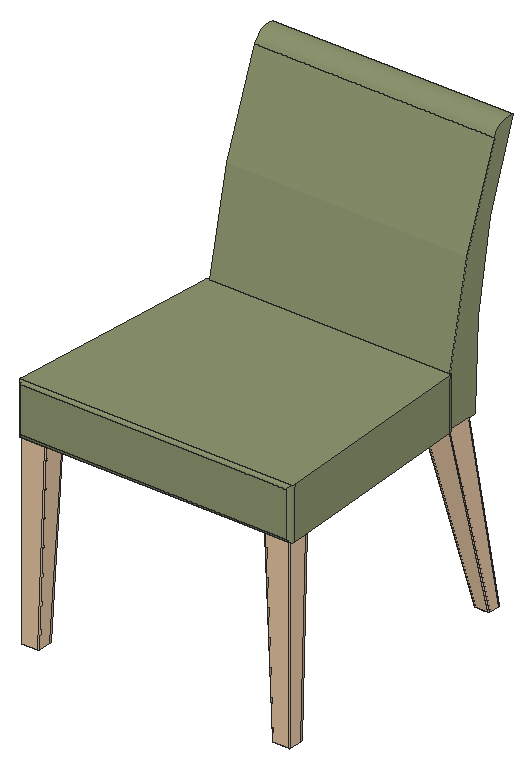
Revit family "FU_Chair_Sandler_Lord Gerrit-2 221-03", category Furniture, Revit 2020
Family settings
  OmniClass Number = 23.40.20.00
  OmniClass Title = General Furniture and Specialties
  Work Plane-Based = No
  Always vertical = Yes
  Cut with Voids When Loaded = No
  Shared = No
  Room Calculation Point = No
Parameters (values of type "Lord Gerrit 2 221.03")
  Width = 540 mm
  URL = "https://www.sandlerseating.com/product/lord-gerrit-2-221-03/"
  Seat [instance] = Fabric - X2 - Algebra AK005
  Model = "Lord Gerrit 2 221.03"
  Manufacturer = "Sandler"
  Height = 860 mm
  Frame [instance] = Wood - Beech - Natural - V
  Description = "Fully upholstered chair with solid oak, black walnut or beech frame"
  Depth = 590 mm
  Default Elevation = 0 mm
Reference planes
  plane 1 "Center (Front/Back)": y = 0
  plane 2: z = 0
  plane 3 "Center (Left/Right)": x = 0
  plane 4 "Right": x = -270
  plane 5 "Left": x = 270
  plane 6 "Back": y = 295
  plane 7 "Front": y = -295
  plane 8 "Height": z = 860
  plane 9 "Seat height": z = 470
  plane 10 "Seat base": z = 370
  plane 11 "Arm Height": z = 660
  plane 12 "glide": z = 5
  plane 13 "F Glide X": y = -276.222
  plane 14 "B Glide X": y = 248.73
  plane 15 "Arm Width Right": x = -315
  plane 16 "Arm Width Left": x = 315
Forms (mm)
  Blend 1, solid, material "Wood - Beech - Natural - V" <- "Frame"
    base sketch origin (0, 0, 0) x (1, 0, 0) y (0, 1, 0)
      loop
        arc (-235.022, 261.209) -> (-236.415, 260.632) -> (-236.991, 259.24) r 1.97
        line (-236.991, 259.24) -> (-236.991, 238.194)
        arc (-236.991, 238.194) -> (-236.41, 236.79) -> (-235.007, 236.209) r 1.985
        line (-235.007, 236.209) -> (-208.991, 236.209)
        arc (-208.991, 236.209) -> (-207.577, 236.795) -> (-206.991, 238.209) r 2
        line (-206.991, 238.209) -> (-206.991, 259.251)
        arc (-206.991, 259.251) -> (-207.565, 260.636) -> (-208.949, 261.209) r 1.958
        line (-208.949, 261.209) -> (-235.022, 261.209)
    top sketch origin (0, 0, 0) x (1, 0, 0) y (0, 1, 0)
      loop
        arc (-236.991, 140.224) -> (-236.408, 138.817) -> (-235.001, 138.234) r 1.99
        line (-235.001, 138.234) -> (-182.006, 138.234)
        arc (-182.006, 138.234) -> (-180.581, 138.824) -> (-179.991, 140.248) r 2.014
        line (-179.991, 140.248) -> (-179.991, 192.253)
        arc (-179.991, 192.253) -> (-180.653, 193.736) -> (-182.199, 194.234) r 1.992
        line (-182.199, 194.234) -> (-235.242, 188.465)
        arc (-235.242, 188.465) -> (-236.49, 187.825) -> (-236.991, 186.515) r 1.961
        line (-236.991, 186.515) -> (-236.991, 140.224)
    from 5 to 370
  Blend 2, solid, material "Wood - Beech - Natural - V" <- "Frame"
    base sketch origin (0, 0, 0) x (1, 0, 0) y (0, 1, 0)
      loop
        line (-263.204, -291.222) -> (-232.204, -291.222)
        arc (-232.204, -291.222) -> (-230.79, -290.636) -> (-230.204, -289.222) r 2
        line (-230.204, -289.222) -> (-230.204, -263.222)
        arc (-230.204, -263.222) -> (-230.79, -261.808) -> (-232.204, -261.222) r 2
        line (-232.204, -261.222) -> (-263.204, -261.222)
        arc (-263.204, -261.222) -> (-264.619, -261.808) -> (-265.204, -263.222) r 2
        line (-265.204, -263.222) -> (-265.204, -289.222)
        arc (-265.204, -289.222) -> (-264.619, -290.636) -> (-263.204, -291.222) r 2
    top sketch origin (0, 0, 0) x (1, 0, 0) y (0, 1, 0)
      loop
        arc (-263.204, -248.604) -> (-264.619, -249.19) -> (-265.204, -250.604) r 2
        line (-265.204, -250.604) -> (-265.204, -289.222)
        arc (-265.204, -289.222) -> (-264.619, -290.636) -> (-263.204, -291.222) r 2
        line (-263.204, -291.222) -> (-217.956, -291.222)
        arc (-217.956, -291.222) -> (-216.542, -290.636) -> (-215.956, -289.222) r 2
        line (-215.956, -289.222) -> (-215.956, -250.604)
        arc (-215.956, -250.604) -> (-216.542, -249.19) -> (-217.956, -248.604) r 2
        line (-217.956, -248.604) -> (-263.204, -248.604)
    from 5 to 370
  Extrusion 3, solid, material "Fabric - X2 - Algebra AK005" <- "Seat"
    sketch origin (0, 0, 0) x (0, 1, 0) y (0, 0, 1)
      loop
        arc (-289, 470) -> (-293.243, 468.243) -> (-295, 464) r 6
        line (-295, 464) -> (-295, 376)
        arc (-295, 376) -> (-293.243, 371.757) -> (-289, 370) r 6
        line (-289, 370) -> (198.169, 370)
        arc (198.169, 370) -> (201.058, 371.234) -> (202.165, 374.174) r 4
        arc (202.165, 374.174) -> (220.235, 622.504) -> (295, 860) r 1074.016
        arc (295, 860) -> (268.948, 857.178) -> (250.469, 838.599) r 39.276
        arc (250.469, 838.599) -> (180.954, 658.452) -> (138.872, 470) r 1300.801
        line (138.872, 470) -> (-289, 470)
    from -270 to 270
  Extrusion 4, void
    sketch origin (0, 0, 370) x (1, 0, 0) y (0, 1, 0)
      loop
        line (-270, -283.838) -> (-242.478, 133.288)
        arc (-242.478, 133.288) -> (-240.621, 137.21) -> (-236.584, 138.805) r 5.907
        line (-236.584, 138.805) -> (-236.584, 310.766) -> (-277.742, 310.766) -> (-277.742, -306.064) -> (-257.742, -306.064) -> (-257.742, -296.096)
        arc (-257.742, -296.096) -> (-266.41, -292.505) -> (-270, -283.838) r 12.258
      loop
        arc (270, -283.838) -> (266.41, -292.505) -> (257.742, -296.096) r 12.258
        line (257.742, -296.096) -> (257.742, -306.064) -> (277.742, -306.064) -> (277.742, 310.766) -> (236.584, 310.766) -> (236.584, 138.805)
        arc (236.584, 138.805) -> (240.621, 137.21) -> (242.478, 133.287) r 5.907
        line (242.478, 133.287) -> (270, -283.838)
    from -15.73 to 525.971
  Blend 5, solid, material "Wood - Beech - Natural - V" <- "Frame"
    base sketch origin (0, 0, 0) x (-1, 0, 0) y (0, -1, 0)
      loop
        line (-235.022, -261.209) -> (-208.949, -261.209)
        arc (-208.949, -261.209) -> (-207.565, -260.636) -> (-206.991, -259.251) r 1.958
        line (-206.991, -259.251) -> (-206.991, -238.209)
        arc (-206.991, -238.209) -> (-207.577, -236.795) -> (-208.991, -236.209) r 2
        line (-208.991, -236.209) -> (-235.007, -236.209)
        arc (-235.007, -236.209) -> (-236.41, -236.79) -> (-236.991, -238.194) r 1.985
        line (-236.991, -238.194) -> (-236.991, -259.24)
        arc (-236.991, -259.24) -> (-236.415, -260.632) -> (-235.022, -261.209) r 1.97
    top sketch origin (0, 0, 0) x (-1, 0, 0) y (0, -1, 0)
      loop
        line (-236.991, -140.224) -> (-236.991, -186.515)
        arc (-236.991, -186.515) -> (-236.49, -187.825) -> (-235.242, -188.465) r 1.961
        line (-235.242, -188.465) -> (-182.199, -194.234)
        arc (-182.199, -194.234) -> (-180.653, -193.736) -> (-179.991, -192.253) r 1.992
        line (-179.991, -192.253) -> (-179.991, -140.248)
        arc (-179.991, -140.248) -> (-180.581, -138.824) -> (-182.006, -138.234) r 2.014
        line (-182.006, -138.234) -> (-235.001, -138.234)
        arc (-235.001, -138.234) -> (-236.408, -138.817) -> (-236.991, -140.224) r 1.99
    from 5 to 370
  Blend 6, solid, material "Wood - Beech - Natural - V" <- "Frame"
    base sketch origin (0, 0, 0) x (-1, 0, 0) y (0, -1, 0)
      loop
        arc (-263.204, 291.222) -> (-264.619, 290.636) -> (-265.204, 289.222) r 2
        line (-265.204, 289.222) -> (-265.204, 263.222)
        arc (-265.204, 263.222) -> (-264.619, 261.808) -> (-263.204, 261.222) r 2
        line (-263.204, 261.222) -> (-232.204, 261.222)
        arc (-232.204, 261.222) -> (-230.79, 261.808) -> (-230.204, 263.222) r 2
        line (-230.204, 263.222) -> (-230.204, 289.222)
        arc (-230.204, 289.222) -> (-230.79, 290.636) -> (-232.204, 291.222) r 2
        line (-232.204, 291.222) -> (-263.204, 291.222)
    top sketch origin (0, 0, 0) x (-1, 0, 0) y (0, -1, 0)
      loop
        line (-263.204, 248.604) -> (-217.956, 248.604)
        arc (-217.956, 248.604) -> (-216.542, 249.19) -> (-215.956, 250.604) r 2
        line (-215.956, 250.604) -> (-215.956, 289.222)
        arc (-215.956, 289.222) -> (-216.542, 290.636) -> (-217.956, 291.222) r 2
        line (-217.956, 291.222) -> (-263.204, 291.222)
        arc (-263.204, 291.222) -> (-264.619, 290.636) -> (-265.204, 289.222) r 2
        line (-265.204, 289.222) -> (-265.204, 250.604)
        arc (-265.204, 250.604) -> (-264.619, 249.19) -> (-263.204, 248.604) r 2
    from 5 to 370
  Revolve 7, solid, material "Rubber, Black"
    sketch origin (0, -276.222, 0) x (-1, 0, 0) y (0, 0, 1)
      loop
        spline (247.704, 0) -> (250.81, 0.17) -> (253.704, 0.67) -> (256.19, 1.464) -> (258.097, 2.5) -> (259.296, 3.706) -> (259.704, 5) -> (259.296, 6.294) -> (258.097, 7.5) -> (256.19, 8.536) -> (253.704, 9.33) -> (250.81, 9.83) -> (247.704, 10)
        line (247.704, 10) -> (247.704, 0)
      axis (247.704, 10) -> (247.704, 0)
    angle from 0 to 360
  Revolve 8, solid, material "Rubber, Black"
    sketch origin (0, -276.222, 0) x (1, 0, 0) y (0, 0, 1)
      loop
        spline (247.704, 0) -> (250.81, 0.17) -> (253.704, 0.67) -> (256.19, 1.464) -> (258.097, 2.5) -> (259.296, 3.706) -> (259.704, 5) -> (259.296, 6.294) -> (258.097, 7.5) -> (256.19, 8.536) -> (253.704, 9.33) -> (250.81, 9.83) -> (247.704, 10)
        line (247.704, 10) -> (247.704, 0)
      axis (247.704, 10) -> (247.704, 0)
    angle from 0 to 360
  Revolve 9, solid, material "Rubber, Black"
    sketch origin (0, 248.73, 0) x (-1, 0, 0) y (0, 0, 1)
      loop
        spline (221.999, 0) -> (225.102, 0.172) -> (227.993, 0.672) -> (230.476, 1.466) -> (232.38, 2.502) -> (233.577, 3.707) -> (233.986, 5) -> (233.577, 6.293) -> (232.38, 7.498) -> (230.476, 8.534) -> (227.993, 9.328) -> (225.102, 9.828) -> (221.999, 10)
        line (221.999, 10) -> (221.999, 0)
      axis (221.999, 10) -> (221.999, 0)
    angle from 0 to 360
  Revolve 10, solid, material "Rubber, Black"
    sketch origin (0, 248.73, 0) x (1, 0, 0) y (0, 0, 1)
      loop
        spline (221.999, 0) -> (225.102, 0.172) -> (227.993, 0.672) -> (230.476, 1.466) -> (232.38, 2.502) -> (233.577, 3.707) -> (233.986, 5) -> (233.577, 6.293) -> (232.38, 7.498) -> (230.476, 8.534) -> (227.993, 9.328) -> (225.102, 9.828) -> (221.999, 10)
        line (221.999, 10) -> (221.999, 0)
      axis (221.999, 10) -> (221.999, 0)
    angle from 0 to 360
Cuts and joins
  Extrusion 4 cuts Extrusion 3
Dimensions and locks
  equal spacing: plane 4 "Right", plane 3 "Center (Left/Right)", plane 5 "Left"
  "Width": plane 4 "Right" to plane 5 "Left"
  equal spacing: plane 6 "Back", plane 1 "Center (Front/Back)", plane 7 "Front"
  "Depth": plane 6 "Back" to plane 7 "Front"
  "Height": plane 8 "Height" to level
  plane 9 "Seat height" to level = 470 mm
  aligned and locked: level to plane 2
Automatic sketch dimensions
  Blend 1 sketch curve to plane 14 "B Glide X" = 10.536 mm
  Blend 1 sketch curve to plane 4 "Right" = 33.009 mm  (x2)
  Blend 1 sketch curve to Blend 1 sketch curve = 1.97 mm
  Blend 1 sketch curve to Blend 1 sketch curve = 1.985 mm
  Blend 1 sketch curve to plane 14 "B Glide X" = 10.521 mm
  Blend 1 sketch curve to Blend 1 sketch curve = 26.015 mm
  Blend 1 sketch curve to Blend 1 sketch curve = 1.958 mm
  plane 14 "B Glide X" to Blend 1 sketch curve = 10.509 mm
  Blend 1 sketch curve to Blend 1 sketch curve = 1.749 mm
  Blend 1 sketch curve to Blend 1 sketch curve = 0.212 mm
  Blend 1 sketch curve to Blend 1 sketch curve = 1.99 mm
  Blend 1 sketch curve to Blend 1 sketch curve = 53.043 mm
  Blend 1 sketch curve to Blend 1 sketch curve = 52.996 mm
  Blend 1 sketch curve to Blend 1 sketch curve = 0.215 mm
  Blend 1 sketch curve to Blend 1 sketch curve = 2.014 mm
  Blend 1 sketch curve to plane 14 "B Glide X" = 110.496 mm
  Blend 1 sketch curve to Blend 1 sketch curve = 46.291 mm
  Blend 1 sketch curve to Blend 1 sketch curve = 52.005 mm
  Blend 2 sketch curve to plane 4 "Right" = 4.796 mm  (x2)
  Blend 2 sketch curve to Blend 2 sketch curve = 2 mm  (x6)
  plane 13 "F Glide X" to Blend 2 sketch curve = 15 mm
  Blend 2 sketch curve to Blend 2 sketch curve = 31 mm
  plane 7 "Front" to Blend 2 sketch curve = 5.778 mm  (x2)
  Blend 2 sketch curve to Blend 2 sketch curve = 0 mm  (x2)
  Blend 2 sketch curve to Blend 2 sketch curve = 45.248 mm
  plane 13 "F Glide X" to Blend 2 sketch curve = 25.618 mm
  Extrusion 3 sketch curve to plane 7 "Front" = 0 mm
  plane 10 "Seat base" to Extrusion 3 sketch curve = 0 mm
  Extrusion 3 sketch curve to plane 9 "Seat height" = 0 mm
  Extrusion 3 sketch curve to plane 6 "Back" = 0 mm
  Extrusion 3 sketch curve to plane 8 "Height" = 0 mm
  plane 7 "Front" to Extrusion 3 sketch curve = 6 mm  (x2)
  Extrusion 3 sketch curve to plane 14 "B Glide X" = 109.859 mm
  Extrusion 3 sketch curve to plane 10 "Seat base" = 4 mm
  Extrusion 3 sketch curve to plane 14 "B Glide X" = 50.561 mm
  Extrusion 3 sketch curve to plane 6 "Back" = 9.039 mm
  Extrusion 3 sketch curve to plane 9 "Seat height" = 49.079 mm
  plane 6 "Back" to Extrusion 3 sketch curve = 980.163 mm
  plane 10 "Seat base" to Extrusion 3 sketch curve = 88.483 mm
  Extrusion 3 sketch curve to Extrusion 3 sketch curve = 150.782 mm
  Extrusion 3 sketch curve to plane 8 "Height" = 38.222 mm
  Extrusion 4 sketch curve to plane 4 "Right" = 0 mm
  Extrusion 4 sketch curve to plane 5 "Left" = 0 mm
  plane 4 "Right" to Extrusion 4 sketch curve = 7.742 mm
  Extrusion 4 sketch curve to plane 13 "F Glide X" = 7.616 mm  (x2)
  Extrusion 4 sketch curve to Extrusion 4 sketch curve = 12.258 mm
  Extrusion 4 sketch curve to plane 4 "Right" = 27.522 mm
  plane 6 "Back" to Extrusion 4 sketch curve = 15.766 mm  (x2)
  Extrusion 4 sketch curve to plane 4 "Right" = 33.416 mm
  plane 5 "Left" to Extrusion 4 sketch curve = 33.416 mm
  Extrusion 4 sketch curve to Extrusion 4 sketch curve = 5.894 mm
  plane 5 "Left" to Extrusion 4 sketch curve = 12.258 mm
  Extrusion 4 sketch curve to plane 5 "Left" = 7.742 mm
  Extrusion 4 sketch curve to plane 7 "Front" = 11.064 mm
  Extrusion 4 sketch curve to Extrusion 4 sketch curve = 9.968 mm
  Extrusion 4 sketch curve to plane 14 "B Glide X" = 115.832 mm  (x2)
  Extrusion 4 sketch curve to Extrusion 4 sketch curve = 0.389 mm
  Extrusion 4 sketch curve to Extrusion 4 sketch curve = 0.39 mm
  plane 14 "B Glide X" to Blend 5 sketch curve = 10.536 mm
  Blend 5 sketch curve to plane 5 "Left" = 33.009 mm  (x2)
  Blend 5 sketch curve to Blend 5 sketch curve = 1.97 mm
  Blend 5 sketch curve to Blend 5 sketch curve = 1.985 mm
  plane 14 "B Glide X" to Blend 5 sketch curve = 10.521 mm
  Blend 5 sketch curve to Blend 5 sketch curve = 26.015 mm
  Blend 5 sketch curve to Blend 5 sketch curve = 1.958 mm
  Blend 5 sketch curve to plane 14 "B Glide X" = 10.509 mm
  Blend 5 sketch curve to Blend 5 sketch curve = 1.749 mm
  Blend 5 sketch curve to Blend 5 sketch curve = 0.212 mm
  Blend 5 sketch curve to Blend 5 sketch curve = 1.99 mm
  Blend 5 sketch curve to Blend 5 sketch curve = 53.043 mm
  Blend 5 sketch curve to Blend 5 sketch curve = 52.996 mm
  Blend 5 sketch curve to Blend 5 sketch curve = 0.215 mm
  Blend 5 sketch curve to Blend 5 sketch curve = 2.014 mm
  plane 14 "B Glide X" to Blend 5 sketch curve = 110.496 mm
  Blend 5 sketch curve to Blend 5 sketch curve = 46.291 mm
  Blend 5 sketch curve to Blend 5 sketch curve = 52.005 mm
  Blend 6 sketch curve to plane 5 "Left" = 4.796 mm  (x2)
  Blend 6 sketch curve to Blend 6 sketch curve = 2 mm  (x6)
  Blend 6 sketch curve to plane 13 "F Glide X" = 15 mm
  Blend 6 sketch curve to Blend 6 sketch curve = 31 mm
  Blend 6 sketch curve to plane 7 "Front" = 5.778 mm  (x2)
  Blend 6 sketch curve to Blend 6 sketch curve = 0 mm  (x2)
  Blend 6 sketch curve to Blend 6 sketch curve = 45.248 mm
  Blend 6 sketch curve to plane 13 "F Glide X" = 25.618 mm
  Revolve 7 sketch curve to plane 12 "glide" = 0 mm
  Revolve 7 sketch curve to level = 0 mm
  Revolve 7 sketch curve to plane 4 "Right" = 22.296 mm
  Revolve 7 sketch curve to Revolve 7 sketch curve = 12 mm
  Revolve 7 sketch curve to Revolve 7 sketch curve = 0 mm
  Revolve 7 sketch curve to level = 12.3 mm
  Revolve 7 sketch curve to Revolve 7 sketch curve = 10.49 mm
  Revolve 8 sketch curve to plane 12 "glide" = 0 mm
  Revolve 8 sketch curve to level = 0 mm
  Revolve 8 sketch curve to plane 5 "Left" = 22.296 mm
  Revolve 8 sketch curve to Revolve 8 sketch curve = 12 mm
  Revolve 8 sketch curve to Revolve 8 sketch curve = 0 mm
  Revolve 8 sketch curve to Revolve 8 sketch curve = 12.3 mm
  Revolve 8 sketch curve to Revolve 8 sketch curve = 10.49 mm
  Revolve 9 sketch curve to plane 12 "glide" = 0 mm
  level to Revolve 9 sketch curve = 0 mm
  Revolve 9 sketch curve to plane 4 "Right" = 48.001 mm
  Revolve 9 sketch curve to Revolve 9 sketch curve = 0.013 mm
  Revolve 9 sketch curve to Revolve 9 sketch curve = 12 mm
  Revolve 9 sketch curve to Revolve 9 sketch curve = 0 mm
  Revolve 9 sketch curve to level = 13.412 mm
  Revolve 9 sketch curve to Revolve 9 sketch curve = 6.6 mm
  Revolve 10 sketch curve to plane 12 "glide" = 0 mm
  Revolve 10 sketch curve to level = 0 mm
  Revolve 10 sketch curve to plane 5 "Left" = 48.001 mm
  Revolve 10 sketch curve to Revolve 10 sketch curve = 0.013 mm
  Revolve 10 sketch curve to Revolve 10 sketch curve = 12 mm
  Revolve 10 sketch curve to Revolve 10 sketch curve = 0 mm
  level to Revolve 10 sketch curve = 13.412 mm
  Revolve 10 sketch curve to Revolve 10 sketch curve = 6.6 mm
